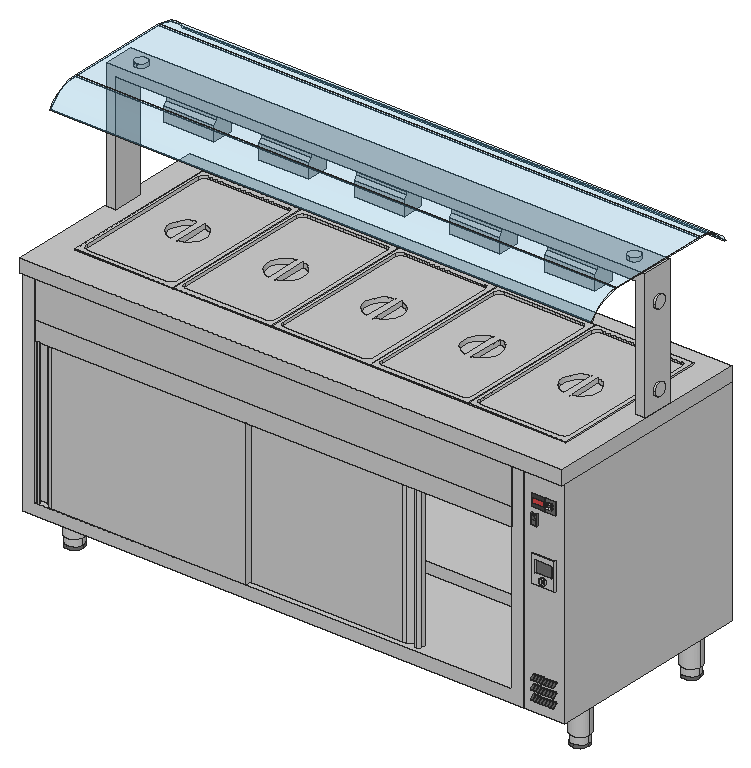
Revit family "QF_INOMAK_MRV718_250606113755", category Specialty Equipment, Revit 2021 (continued)
Definition of nested family "QF_INOMAK_LEGS_6224"
  Definition of nested family "QF_INOMAK_LEG"
    Automatic sketch dimensions
      radius of Sweep 4 sketch curve = 32 mm
Definition of nested family "CONN_POINT_COLDWATER_2D___Generic_Annotation"
  Parameters (values of type "CONN_POINT_COLDWATER_2D___Generic_Annotation")
    Onboard connection annotation symbol visibility [instance] = yes
  Reference planes
    plane 1: y = 0
    plane 2: x = 0
  Lines and regions (mm)
    detail lines, visible <- "Onboard connection annotation symbol visibility"
      curve 1: circle (0, 0, 0) r 0.5 normal (0, 0, 1)
      curve 2: line (-1, 0, 0) -> (1, 0, 0)
      curve 3: line (0, 1, 0) -> (0, -1, 0)
      curve 4: line (3.241, 1, 0) -> (3.717, -1, 0)
      curve 5: line (3.717, -1, 0) -> (4.193, 1, 0)
      curve 6: line (4.193, 1, 0) -> (4.669, -1, 0)
      curve 7: line (4.669, -1, 0) -> (5.145, 1, 0)
      curve 8: arc (2.67, 0.524, 0) -> (2.004, 1, 0) -> (1.337, 0.524, 0) r 0.704
      curve 9: arc (1.337, -0.524, 0) -> (2.004, -1, 0) -> (2.67, -0.524, 0) r 0.704
      curve 10: arc (1.337, 0.524, 0) -> (1.25, 0, 0) -> (1.337, -0.524, 0) r 1.616
Definition of nested family "CONN_POINT_DRAIN_2D___Generic_Annotation"
  Parameters (values of type "CONN_POINT_DRAIN_2D___Generic_Annotation")
    Onboard connection annotation symbol visibility [instance] = yes
  Reference planes
    plane 1: y = 0
    plane 2: x = 0
  Lines and regions (mm)
    detail lines, visible <- "Onboard connection annotation symbol visibility"
      curve 1: circle (0, 0, 0) r 0.5 normal (0, 0, 1)
      curve 2: line (-1, 0, 0) -> (1, 0, 0)
      curve 3: line (0, 1, 0) -> (0, -1, 0)
      curve 4: line (1.776, 1, 0) -> (1.25, 1, 0)
      curve 5: line (1.25, 1, 0) -> (1.25, -1, 0)
      curve 6: line (1.25, -1, 0) -> (1.776, -1, 0)
      curve 7: arc (2.206, -0.862, 0) -> (2.459, -0.589, 0) -> (2.583, -0.238, 0) r 0.918
      curve 8: arc (2.583, 0.238, 0) -> (2.459, 0.589, 0) -> (2.206, 0.862, 0) r 0.918
      curve 9: arc (2.583, -0.238, 0) -> (2.599, 0, 0) -> (2.583, 0.238, 0) r 1.77
      curve 10: arc (2.206, 0.862, 0) -> (2.002, 0.965, 0) -> (1.776, 1, 0) r 0.741
      curve 11: arc (1.776, -1, 0) -> (2.002, -0.965, 0) -> (2.206, -0.862, 0) r 0.741
Definition of nested family "CONN_POINT_ELE_2D___Generic_Annotation"
  Parameters (values of type "CONN_POINT_ELE_2D___Generic_Annotation")
    Onboard connection annotation symbol visibility [instance] = yes
  Reference planes
    plane 1: y = 0
    plane 2: x = 0
  Lines and regions (mm)
    detail lines, visible <- "Onboard connection annotation symbol visibility"
      curve 1: circle (0, 0, 0) r 0.5 normal (0, 0, 1)
      curve 2: line (-1, 0, 0) -> (1, 0, 0)
      curve 3: line (0, 1, 0) -> (0, -1, 0)
      curve 4: line (2.5, 1, 0) -> (1.25, 1, 0)
      curve 5: line (1.25, 1, 0) -> (1.25, -1, 0)
      curve 6: line (1.25, -1, 0) -> (2.5, -1, 0)
      curve 7: line (1.25, 0, 0) -> (2, 0, 0)
